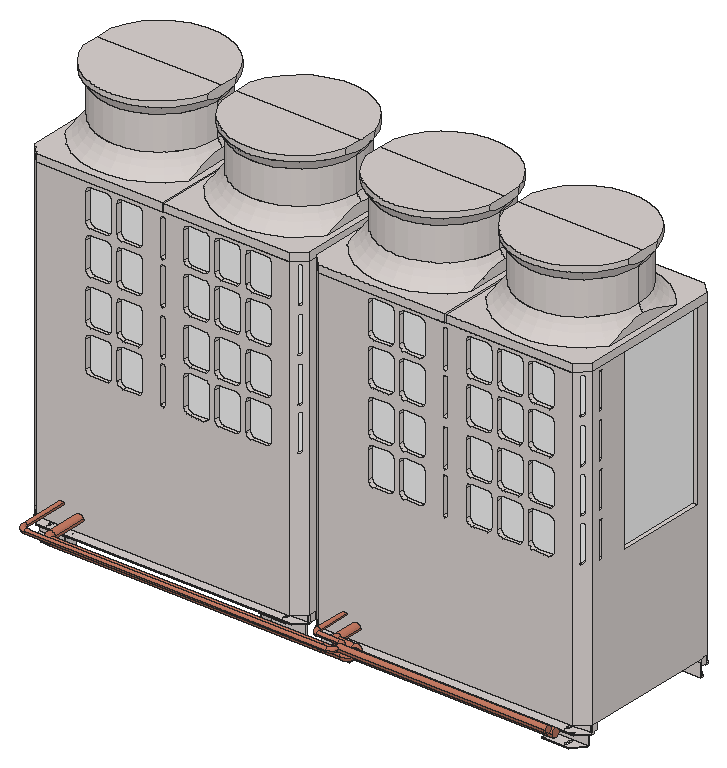
Revit family "PURY-EP800YSNW-A1", category 機械設備, Revit 2016 (continued)
Definition of nested family "PURY-EP400YNW-A1"
  Dimensions and locks
    cut or joined group 1 (Extrusion 1, Extrusion 2, Extrusion 3, Extrusion 4, Extrusion 5, Extrusion 6, Extrusion 7, Extrusion 8, Extrusion 9, Extrusion 10, Extrusion 11, Extrusion 12, Extrusion 13, Extrusion 14, Extrusion 15, Extrusion 16, Extrusion 17, Extrusion 18, Extrusion 19, Extrusion 20, Extrusion 21, Extrusion 22, Extrusion 23, Extrusion 24, Extrusion 25, Extrusion 26, Extrusion 27, Extrusion 28, Extrusion 29, Extrusion 30, Extrusion 31, Extrusion 32, Extrusion 33) to plane 12 to cut or joined group 1 = 805.000 mm, 621.000 mm
    plane 5 to plane 2 = 1858.000 mm  (x2)
    cut or joined group 1 to plane 19 "132" = 132.000 mm
    cut or joined group 1 to plane 22 = 207.000 mm
    cut or joined group 1 to plane 23 = 256.000 mm
    cut or joined group 1 to plane 6 = 60.000 mm
    cut or joined group 1 to cut or joined group 1 = 42.154 mm
    cut or joined group 1 to cut or joined group 1 = 11.895 mm
    nested 1 to nested 3 to level = 1798.000 mm, 60.000 mm
    nested 1 to nested 1 = 303.000 mm
    nested 1 to nested 3 = 1495.000 mm
    nested 8 to nested 8 to nested 8 to nested 7 to nested 7 to nested 7 = 54.000 mm, 20.000 mm, 592.000 mm, 20.000 mm, 54.000 mm
    nested 3 to nested 3 = 56.000 mm
    plane 11 to plane 31 to plane 32 to cut or joined group 1 = 90.000 mm, 1060.000 mm, 90.000 mm
    curve 103 to nested 7 = 90.000 mm
    curve 104 to nested 7 = 125.000 mm
    curve 101 to nested 7 = 100.000 mm
    curve 11 to curve 13 to nested 7 = 84.000 mm, 71.000 mm
    cut or joined group 1 to curve 12 to curve 14 = 125.000 mm, 148.000 mm
    nested 2 to nested 7 = 1495.000 mm
    curve 87 to cut or joined group 1 = 152.000 mm
    curve 88 to cut or joined group 1 = 172.000 mm
    curve 89 to cut or joined group 1 = 216.000 mm
    cut or joined group 1 to curve 4 to curve 2 = 128.000 mm, 150.000 mm
    cut or joined group 1 to curve 1 to curve 3 = 79.000 mm, 94.000 mm
    Extrusion 32 sketch curve to nested 7 = 116.000 mm
    cut or joined group 1 to Extrusion 32 sketch curve = 160.000 mm
    cut or joined group 1 to Extrusion 33 sketch curve = 243.000 mm
    Extrusion 33 sketch curve to nested 7 = 116.000 mm
    aligned and locked: level to plane 2
    aligned and locked: Extrusion 1 to plane 4
  Nested families
    nested 1: "FAN GUARD" at (-311.5, 2, 860), type "FAN GUARD"
      with WIDTH 870.000 mm
    nested 2: "FAN GUARD" at (311.5, 2, 860) x (-1, 0, 0) z (0, 0, 1), type "FAN GUARD"
      with WIDTH 870.000 mm
    nested 3: "ATTACHMENT LEG" at (-524, -349, 0), type "ATTACHMENT LEG"
    nested 4: "ATTACHMENT LEG" at (-524, 349, 0), type "ATTACHMENT LEG"
    nested 5: "ATTACHMENT LEG" at (524, -349, 0) x (-1, 0, 0) z (0, 0, 1), type "ATTACHMENT LEG"
    nested 6: "ATTACHMENT LEG" at (524, 349, 0) x (-1, 0, 0) z (0, 0, 1), type "ATTACHMENT LEG"
    nested 7: "BASE LEG_L_" at (0, -352, 60), type "BASE LEG_L_"
      with Width 1240.000 mm
    nested 8: "BASE LEG_L_" at (0, 352, 60), type "BASE LEG_L_"
      with Width 1240.000 mm
  Connectors
    piping at (-460, -191, 176), diameter 25.4, driven by "Liquid pipe_radius"
      settings: on cut or joined group 1, index 3, connector inside diameter 25.4 mm, connector length 0.000 mm, flow factor 0, pipe flow 0.0 L/s, pressure drop 0.0 Pa, fitting loss kfactor 0, connector angle 0.00°, fixture units 0, engagement length 0.000 mm, angle of deflection 0.00°, flow configuration 0, flow direction 0, fitting loss method 0, system type 22, joint type 0, gender type 0, connector reference index -1, connector utility 0, adjustable connector no, is connector primary yes, connector description "Refrigerant service valve<Liquid pipe>"
    piping at (-377, -191, 176), diameter 28.58, driven by "Gas pipe_radius"
      settings: on cut or joined group 1, index 4, connector inside diameter 28.58 mm, connector length 0.000 mm, flow factor 0, pipe flow 0.0 L/s, pressure drop 0.0 Pa, fitting loss kfactor 0, connector angle 0.00°, fixture units 0, engagement length 0.000 mm, angle of deflection 0.00°, flow configuration 0, flow direction 0, fitting loss method 0, system type 22, joint type 0, gender type 0, connector reference index -1, connector utility 0, adjustable connector no, is connector primary no, connector description "Refrigerant service valve<Gas>"
    electrical at (0, -370, 808)
      settings: on cut or joined group 1, index 5, voltage 0 V, apparent load 0 VA, apparent load phase1 0 VA, apparent load phase2 0 VA, apparent load phase3 0 VA, power factor 1, load classification none, number of poles 1, system type 30, power factor state 1, is connector primary yes, connector utility no, sub classification motor no, connector description ""
  Definition of nested family "FAN GUARD"
    Parameters
      WIDTH [instance] = 870.000 mm
    Reference planes
      plane 1 "中心(正面/背面)": y = -2
      plane 2: z = 0
      plane 3 "ファンガード基準面": z = 661
      plane 4: y = 368
      plane 5: x = 366
      plane 6: x = -375
      plane 7 "ファンガード基準上面": z = 695
      plane 8 "ファンガード上面": z = 998
      plane 9: x = -273.971
      plane 10: x = 308.5
      plane 11: x = -308.5
      plane 12: x = 0
    Forms (mm)
      Extrusion 1, solid
        sketch origin (85, 0, 661) x (-1, 0, 0) y (0, -1, 0)
          loop
            line (343.5, -368) -> (393.5, -318) -> (393.5, 322) -> (343.5, 372) -> (-223.5, 372) -> (-223.5, -368) -> (343.5, -368)
        from 0 to 34
      Revolve 2, solid
        sketch origin (0, -2, 0) x (1, 0, 0) y (0, 0, 1)
          loop
            line (0, 695) -> (0, 998) -> (-290, 998) -> (-290, 972.327) -> (-260, 928.372) -> (-260, 777.384)
            arc (-260, 777.384) -> (-290.651, 730.137) -> (-334.665, 695) r 175.882
            line (-334.665, 695) -> (0, 695)
          axis (0, 998) -> (0, 695)
        angle from 0 to 360
      Extrusion 3, void
        sketch origin (-840, 75, 695) x (-1, 0, 0) y (0, -1, 0)
          loop
            line (-410, -165) -> (-410, 315) -> (-561.253, 315) -> (-561.253, -165) -> (-410, -165)
        from -35 to 430.592
      Extrusion 4, void
        sketch origin (840, 75, 695) x (1, 0, 0) y (0, 1, 0)
          loop
            line (-410, 165) -> (-561.253, 165) -> (-561.253, -315) -> (-410, -315) -> (-410, 165)
        from 0 to 430.592
    Cuts and joins
      Extrusion 3, Extrusion 4 cuts Revolve 2
      Extrusion 4 cuts Extrusion 1
    Lines and regions (mm)
      model lines
        curve 1: line (-278.747, 0, 998) -> (-80, 0, 998)
        curve 2: line (80, 0, 998) -> (278.747, 0, 998)
        curve 3: circle (0, 0, 998) r 80 normal (0, 0, 1)
        curve 4: line (-278.747, -80, 998) -> (278.747, -80, 998)
        curve 5: line (-241.868, -160, 998) -> (241.868, -160, 998)
        curve 6: line (-162.788, -240, 998) -> (162.788, -240, 998)
        curve 7: line (-278.747, 80, 998) -> (278.747, 80, 998)
        curve 8: line (-241.868, 160, 998) -> (240, 160, 998)
        curve 9: line (-160, 240, 998) -> (162.788, 240, 998)
        curve 10: line (0, 290, 998) -> (0, -290, 998)
        curve 11: line (-20, 289.31, 998) -> (-20, -289.31, 998)
        curve 12: line (-40, 287.228, 998) -> (-40, -287.228, 998)
        curve 13: line (-60, 283.725, 998) -> (-60, -283.725, 998)
        curve 14: line (-80, 278.747, 998) -> (-80, -278.747, 998)
        curve 15: line (20, 289.31, 998) -> (20, -289.31, 998)
        curve 16: line (40, 287.228, 998) -> (40, -287.228, 998)
        curve 17: line (60, 283.725, 998) -> (60, -283.725, 998)
        curve 18: line (80, 278.747, 998) -> (80, -278.747, 998)
        curve 19: line (100, 272.213, 998) -> (100, -272.213, 998)
        curve 20: line (120, 264.008, 998) -> (120, -264.008, 998)
        curve 21: line (140, 253.969, 998) -> (140, -253.969, 998)
        curve 22: line (160, 241.868, 998) -> (160, -243.132, 998)
        curve 23: line (180, 227.376, 998) -> (180, -227.624, 998)
        curve 24: line (200, 210, 998) -> (200, -210, 998)
        curve 25: line (220, 188.944, 998) -> (220, -188.944, 998)
        curve 26: line (240, 160, 998) -> (240, -162.788, 998)
        curve 27: line (260, 128.452, 998) -> (260, -128.452, 998)
        curve 28: line (-100, 272.213, 998) -> (-100, -272.213, 998)
        curve 29: line (-120, 264.008, 998) -> (-120, -264.008, 998)
        curve 30: line (-140, 253.969, 998) -> (-140, -253.969, 998)
        curve 31: line (-160, 240, 998) -> (-160, -241.868, 998)
        curve 32: line (-180, 227.376, 998) -> (-180, -227.376, 998)
        curve 33: line (-200, 210, 998) -> (-200, -210, 998)
        curve 34: line (-220, 188.944, 998) -> (-220, -188.944, 998)
        curve 35: line (-240, 162.788, 998) -> (-240, -162.788, 998)
        curve 36: line (-260, 128.452, 998) -> (-260, -128.452, 998)
        curve 37: line (10, 79.373, 998) -> (10, -79.373, 998)
        curve 38: line (-10, 79.373, 998) -> (-10, -79.373, 998)
        curve 39: line (30, 74.162, 998) -> (30, -74.162, 998)
        curve 40: line (50, 62.45, 998) -> (50, -62.45, 998)
        curve 41: line (70, 38.73, 998) -> (70, -38.73, 998)
        curve 42: line (-30, 74.162, 998) -> (-30, -74.162, 998)
        curve 43: line (-50, 62.45, 998) -> (-50, -62.45, 998)
        curve 44: line (-70, 38.73, 998) -> (-70, -38.73, 998)
    Dimensions and locks
      locked: plane 8 "ファンガード上面" to plane 7 "ファンガード基準上面" at 303
      plane 8 "ファンガード上面" to plane 3 "ファンガード基準面" = 337.000 mm
      Revolve 2 sketch curve to Revolve 2 sketch curve = 290.000 mm
      Extrusion 1 sketch curve to Extrusion 1 sketch curve = 740.000 mm
      equal spacing: Extrusion 1 sketch curve, plane 1 "中心(正面/背面)", Extrusion 1 sketch curve
      plane 6 to plane 5 = 741.000 mm
      Extrusion 1 sketch curve to Extrusion 1 sketch curve = 617.000 mm
      plane 11 to plane 10 = 617.000 mm
      cut or joined group of Extrusion 1, Extrusion 4 to cut or joined group of Extrusion 1, Extrusion 4 = 617.000 mm
      cut or joined group of Extrusion 1, Extrusion 4 to cut or joined group of Extrusion 1, Extrusion 4 = 740.000 mm
      aligned and locked: level to plane 2
      aligned and locked: plane 7 "ファンガード基準上面" to Extrusion 1
      aligned and locked: plane 3 "ファンガード基準面" to Extrusion 1
      aligned and locked: cut or joined group of Revolve 2, Extrusion 3, Extrusion 4 to plane 8 "ファンガード上面"
  Definition of nested family "ATTACHMENT LEG"
    Parameters
      Width = 145.000 mm
    Reference planes
      plane 1: z = 0
      plane 2 "中心(左/右)": x = -6
      plane 3: x = -52
      plane 4: x = 85
      plane 5: x = 93
      plane 6: y = -21
      plane 7: y = 27
      plane 8: x = -30
      plane 9: y = 39
      plane 10: z = 60
      plane 11: z = 57
      plane 12: z = 3
      plane 13: x = 82
      plane 14: y = 36
      plane 15: x = -75
      plane 16: y = 31
      plane 17 "幅": x = 93
      plane 18: y = 2.5
      plane 19: y = 21
      plane 20: y = -10
    Forms (mm)
      Extrusion 1, solid
        sketch origin (0, -1, 0) x (1, 0, 0) y (0, 1, 0)
          loop
            line (-75, 36) -> (-75, 27) -> (-28, -20) -> (93, -20) -> (93, 32) -> (85, 32) -> (85, 36) -> (-75, 36)
        from 0 to 60
      Extrusion 2, void
        sketch origin (0, -3, 0) x (1, 0, 0) y (0, 0, 1)
          loop
            line (-75, 57) -> (-75, 3) -> (82, 3) -> (82, 57) -> (-75, 57)
          loop
            line (93, 57) -> (85, 57) -> (85, 3) -> (93, 3) -> (93, 57)
        from -35 to 18
      Extrusion 3, void
        sketch origin (-6, 5.5, 0) x (1, 0, 0) y (0, 1, 0)
          loop
            arc (-7, -8.5) -> (0, -15.5) -> (7, -8.5) r 7
            line (7, -8.5) -> (7, 8.5)
            arc (7, 8.5) -> (0, 15.5) -> (-7, 8.5) r 7
            line (-7, 8.5) -> (-7, -8.5)
        from 0 to 60
    Cuts and joins
      Extrusion 2, Extrusion 3 cuts Extrusion 1
    Dimensions and locks
      locked: plane 3 to plane 4 at 137
      locked: plane 3 to plane 5 at 145
      plane 6 to plane 7 = 48.000 mm
      locked: plane 10 to level at 60
      Extrusion 3 sketch curve to plane 2 "中心(左/右)" = 7.000 mm
      locked: plane 15 to plane 2 "中心(左/右)" at 69
      locked: plane 15 to plane 8 at 45
      locked: plane 6 to plane 18 at 23.5
      cut or joined group of Extrusion 1, Extrusion 2, Extrusion 3 to cut or joined group of Extrusion 1, Extrusion 2, Extrusion 3 = 168.000 mm
      cut or joined group of Extrusion 1, Extrusion 2, Extrusion 3 to cut or joined group of Extrusion 1, Extrusion 2, Extrusion 3 = 56.000 mm  (x2)
      plane 14 to plane 6 = 57.000 mm
      aligned and locked: level to plane 1
      aligned and locked: Extrusion 1 sketch curve to plane 4
      aligned and locked: Extrusion 1 sketch curve to plane 5
      aligned: plane 8 to Extrusion 1 sketch curve
      aligned and locked: plane 10 to Extrusion 1
      aligned and locked: Extrusion 2 sketch curve to plane 11
      aligned: plane 3 to Extrusion 2 sketch curve
      aligned and locked: plane 12 to Extrusion 2 sketch curve
      aligned and locked: Extrusion 2 sketch curve to plane 13
      aligned and locked: plane 6 to Extrusion 2
      aligned and locked: plane 11 to Extrusion 2 sketch curve
      aligned and locked: plane 5 to Extrusion 2 sketch curve
      aligned and locked: Extrusion 2 sketch curve to plane 12
      aligned and locked: Extrusion 2 sketch curve to plane 4
      aligned and locked: plane 15 to Extrusion 1 sketch curve
      aligned and locked: Extrusion 2 sketch curve to cut or joined group of Extrusion 1, Extrusion 2, Extrusion 3
      aligned and locked: Extrusion 1 to plane 16
  Definition of nested family "BASE LEG_L_"
    Parameters
      Width [instance] = 1240.000 mm
    Reference planes
      plane 1 "中心(正面/背面)": y = 0
      plane 2: z = 0
      plane 3 "中心(左/右)": x = 0
      plane 4: x = 620
      plane 5: x = -620
      plane 6: x = -530
      plane 7: x = 530
      plane 8: y = -18
      plane 9: y = 39
      plane 10: z = 53
      plane 11: y = 42
      plane 12: y = 27
      plane 13: x = 575
      plane 14: x = -575
      plane 15: z = 8
      plane 16: y = 11.5
      plane 17: z = 35
    Forms (mm)
      Extrusion 1, solid
        sketch origin (0, 0, 0) x (0, 1, 0) y (0, 0, 1)
          loop
            line (-18, 0) -> (36, 0) -> (36, 32) -> (56, 32) -> (56, 35) -> (33, 35) -> (33, 3) -> (-18, 3) -> (-18, 0)
        from -620 to 620
      Extrusion 2, void
        sketch origin (0, 0, 0) x (1, 0, 0) y (0, 1, 0)
          loop
            line (575, -18) -> (620, -18) -> (620, 27) -> (575, -18)
          loop
            line (-575, -18) -> (-620, 27) -> (-620, -18) -> (-575, -18)
        from 0 to 250
      Extrusion 3, void
        sketch origin (0, 12.023, 0) x (1, 0, 0) y (0, 1, 0)
          loop
            arc (523, -2.971) -> (530, -9.971) -> (537, -2.971) r 7
            line (537, -2.971) -> (537, 3.023)
            arc (537, 3.023) -> (530, 10.023) -> (523, 3.023) r 7
            line (523, 3.023) -> (523, -2.971)
          loop
            line (-523, -2.971) -> (-523, 3.023)
            arc (-523, 3.023) -> (-530, 10.023) -> (-537, 3.023) r 7
            line (-537, 3.023) -> (-537, -2.971)
            arc (-537, -2.971) -> (-530, -9.971) -> (-523, -2.971) r 7
        from 0 to 250
      Extrusion 4, solid
        sketch origin (0, 0, -3) x (1, 0, 0) y (0, 0, 1)
          loop
            line (617, 8) -> (620, 8) -> (620, 35) -> (617, 35) -> (617, 8)
          loop
            line (-617, 8) -> (-617, 35) -> (-620, 35) -> (-620, 8) -> (-617, 8)
        from -36 to -56
      Extrusion 5, solid
        sketch origin (150, 352, 0) x (1, 0, 0) y (0, 1, 0)
          loop
            line (460, -319) -> (455, -319) -> (455, -320) -> (405, -370) -> (410, -370) -> (460, -320) -> (460, -319)
        from 3 to 35
      Extrusion 6, void
        sketch origin (560, -18, 0) x (0.707107, 0.707107, 0) y (0, 0, 1)
          loop
            line (70.711, 3) -> (-6.741, 39.767) -> (-6.741, 3) -> (70.711, 3)
        from -190.256 to 23.776
      Extrusion 7, solid
        sketch origin (-150, 352, 0) x (-1, 0, 0) y (0, -1, 0)
          loop
            line (460, 319) -> (460, 320) -> (410, 370) -> (405, 370) -> (455, 320) -> (455, 319) -> (460, 319)
        from 3 to 35
      Extrusion 8, void
        sketch origin (-560, -18, 0) x (0.707107, -0.707107, 0) y (0, 0, -1)
          loop
            line (-70.711, -3) -> (0, -35) -> (6.741, -35) -> (6.741, -3) -> (-70.711, -3)
        from -190.256 to 23.776
    Cuts and joins
      Extrusion 2, Extrusion 3 cuts Extrusion 1
      joined: Extrusion 1, Extrusion 4
      Extrusion 8 cuts Extrusion 7
      Extrusion 6 cuts Extrusion 5
    Dimensions and locks
      "Width": plane 5 to plane 4
      equal spacing: plane 5, plane 3 "中心(左/右)", plane 4
      locked: plane 5 to plane 6 at 90
      locked: plane 7 to plane 4 at 90
      locked: plane 8 to plane 9 at 57
      locked: plane 10 to level at 53
      locked: plane 9 to plane 11 at 3
      plane 8 to plane 12 = 45.000 mm
      locked: plane 13 to plane 4 at 45
      locked: plane 5 to plane 14 at 45
      equal spacing: Extrusion 3 sketch curve, plane 7, Extrusion 3 sketch curve
      equal spacing: Extrusion 3 sketch curve, plane 6, Extrusion 3 sketch curve
      locked: plane 10 to plane 15 at 45
      locked: cut or joined group of Extrusion 1, Extrusion 2, Extrusion 3, Extrusion 4 to Extrusion 4 sketch curve at 3  (x2)
      locked: plane 8 to plane 16 at 29.5
      plane 8 to plane 11 = 60.000 mm
      cut or joined group of Extrusion 1, Extrusion 2, Extrusion 3, Extrusion 4 to cut or joined group of Extrusion 1, Extrusion 2, Extrusion 3, Extrusion 4 = 35.000 mm
      aligned and locked: level to plane 2
      aligned and locked: plane 8 to Extrusion 1 sketch curve
      aligned and locked: plane 4 to Extrusion 1
      aligned and locked: Extrusion 1 to plane 5
      aligned and locked: Extrusion 2 sketch curve to plane 4
      aligned and locked: Extrusion 2 sketch curve to plane 8
      aligned and locked: plane 12 to Extrusion 2 sketch curve
      aligned and locked: plane 13 to Extrusion 2 sketch curve
      aligned and locked: plane 4 to Extrusion 4 sketch curve
      aligned and locked: plane 5 to Extrusion 4 sketch curve
      aligned and locked: cut or joined group of Extrusion 7, Extrusion 8 to cut or joined group of Extrusion 1, Extrusion 2, Extrusion 3, Extrusion 4
    Automatic sketch dimensions
      Extrusion 3 sketch curve to plane 1 "中心(正面/背面)" = 9.052 mm  (x2)
      Extrusion 3 sketch curve to plane 7 = 7.000 mm
      Extrusion 3 sketch curve to plane 1 "中心(正面/背面)" = 15.046 mm  (x2)
      Extrusion 3 sketch curve to plane 6 = 7.000 mm
      Extrusion 2 sketch curve to plane 5 = 0.000 mm
      plane 8 to Extrusion 2 sketch curve = 0.000 mm
      Extrusion 2 sketch curve to plane 14 = 0.000 mm
      plane 12 to Extrusion 2 sketch curve = 0.000 mm
      Extrusion 4 sketch curve to plane 10 = 21.000 mm
      plane 7 to Extrusion 5 sketch curve = 25.000 mm
      Extrusion 5 sketch curve to Extrusion 5 sketch curve = 5.000 mm  (x2)
      plane 7 to Extrusion 5 sketch curve = 75.000 mm
      plane 8 to Extrusion 5 sketch curve = 0.000 mm
      Extrusion 5 sketch curve to Extrusion 5 sketch curve = 50.000 mm
      Extrusion 5 sketch curve to Extrusion 5 sketch curve = 0.000 mm
      Extrusion 5 sketch curve to Extrusion 5 sketch curve = 1.000 mm
      Extrusion 6 sketch curve to Extrusion 5 = 0.000 mm  (x2)
      Extrusion 6 sketch curve to Extrusion 5 = 6.741 mm
      Extrusion 6 sketch curve to Extrusion 5 = 4.767 mm
      plane 6 to Extrusion 7 sketch curve = 25.000 mm
      Extrusion 7 sketch curve to Extrusion 7 sketch curve = 5.000 mm  (x2)
      Extrusion 7 sketch curve to Extrusion 7 sketch curve = 45.000 mm
      Extrusion 7 sketch curve to plane 8 = 0.000 mm
      Extrusion 7 sketch curve to Extrusion 7 sketch curve = 50.000 mm
      Extrusion 7 sketch curve to Extrusion 7 sketch curve = 0.000 mm
      Extrusion 7 sketch curve to Extrusion 7 sketch curve = 1.000 mm
      Extrusion 8 sketch curve to Extrusion 7 = 0.000 mm  (x2)
      Extrusion 7 to Extrusion 8 sketch curve = 0.000 mm  (x2)
      Extrusion 7 to Extrusion 8 sketch curve = 6.741 mm
      Extrusion 4 sketch curve to plane 17 = 3.000 mm
      Extrusion 4 sketch curve to plane 15 = 3.000 mm  (x2)
      Extrusion 1 sketch curve to plane 17 = 0.000 mm
      Extrusion 1 sketch curve to level = 0.000 mm
      level to Extrusion 1 sketch curve = 3.000 mm
      plane 9 to Extrusion 1 sketch curve = 6.000 mm
      plane 9 to Extrusion 1 sketch curve = 3.000 mm
      Extrusion 1 sketch curve to plane 17 = 3.000 mm
      Extrusion 1 sketch curve to plane 11 = 14.000 mm
Types (6, lengths in mm): name | Voltage | InstallationDate | Hertz | Heating Rated Load Ampacity (A) | Heating Current Input (Nominal) (A) | Heating Current Input (A) | Equip_description | Equip_ID | Description | CreatedOn | CreatedBy | Cooling Rated Load Ampacity (A) | Cooling Current Input (A) | Category | Barcode | AssetIdentifier
  PURY-EP800YSNW-A1_380V_50Hz | 380 V | "" | 50 Hz | 47.2 | 39.7 | 47.2 | "" | "" | "" | "" | "" | 45.3 | 45.3 | "" | "" | ""
  PURY-EP800YSNW-A1_380V_60Hz | 380 V | "0" | 60 Hz | 47.2 | 39.7 | 47.2 | "0" | "0" | "0" | "0" | "0" | 45.3 | 45.3 | "0" | "0" | "0"
  PURY-EP800YSNW-A1_400V_50Hz | 400 V | "0" | 50 Hz | 44.9 | 37.7 | 44.9 | "0" | "0" | "0" | "0" | "0" | 43 | 43 | "0" | "0" | "0"
  PURY-EP800YSNW-A1_400V_60Hz | 400 V | "0" | 60 Hz | 44.9 | 37.7 | 44.9 | "0" | "0" | "0" | "0" | "0" | 43 | 43 | "0" | "0" | "0"
  PURY-EP800YSNW-A1_415V_50Hz | 415 V | "0" | 50 Hz | 43.2 | 36.4 | 43.2 | "0" | "0" | "0" | "0" | "0" | 41.5 | 41.5 | "0" | "0" | "0"
  PURY-EP800YSNW-A1_415V_60Hz | 415 V | "0" | 60 Hz | 43.2 | 36.4 | 43.2 | "0" | "0" | "0" | "0" | "0" | 41.5 | 41.5 | "0" | "0" | "0"
